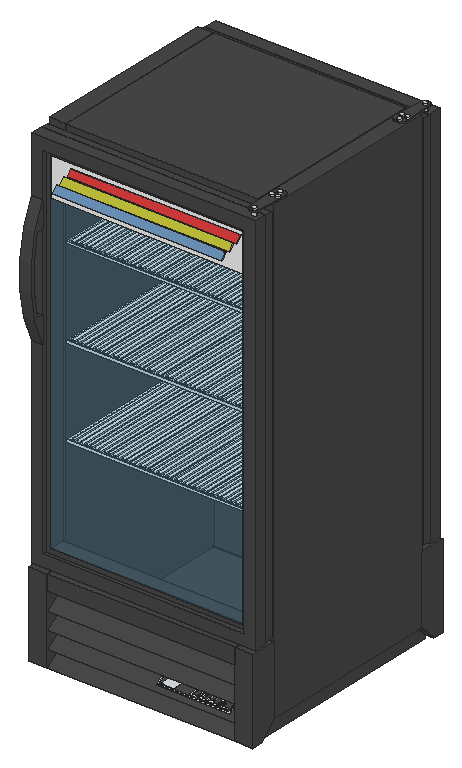
Revit family "QF_TRUE_GDM-10PT-HC~TSL01", category Specialty Equipment, Revit 2016
Family settings
  Part Type = Normal
  Round Connector Dimension = Use Diameter
  Work Plane-Based = No
  Always vertical = Yes
  Cut with Voids When Loaded = No
  Shared = No
  Room Calculation Point = No
Parameters
  Weight in Pounds = 0
  Watts = Volts * FL Amps  # 253 W
  Volts = 115 V
  URL Cutsheet = ""
  Specification by User = ""
  Specification by Manufacturer = ""
  Show Logo [instance] = yes
  Show Default Legs [instance] = if(Show 6 Inches Standard Legs, or(Show 6 Inches Seismic Flanged Legs, Show 2.5 Inches Castors), if(Show 2.5 Inches Castors, Show 6 Inches Seismic Flanged Legs, not(or(Show 6 Inches Seismic Flanged Legs, Show 2.5 Inches Castors, Show 6 Inches Standard Legs))))  # yes
  Show Clearance [instance] = yes
  Show 6 Inches Standard Legs [instance] = no
  Show 6 Inches Seismic Flanged Legs [instance] = no
  Show 2.5 Inches Castors [instance] = no
  Serial Number = ""
  Seismic Rating = ""
  SMACNA No = ""
  Revision Code = ""
  Phase = 1
  Number of Poles = 1
  NAFEM Spec ID Number = ""
  Model = "GDM-10PT-HC~TSL01"
  Min Ckt Ampacity = 0 A
  Max Overcurrent Protection = 0 A
  Materials and Finishes [instance] = QF_Plastic - Black - Smooth
  Masterspec = ""
  Manufacturer = "TRUE"
  Length = 24 13/16"
  Item Number = ""
  Installed By = ""
  Identify Quantity as Lot = yes
  Height [instance] = Body Height + Base Height  # 53 3/8"
  HP = "1/5"
  Furnished By = ""
  Foodservice Equipment Identifier = yes
  FL Amps = 2.2 A
  Electrical Remarks = ""
  Electric Connection Type = ""
  Elec Conn RI Height = 0"
  Elec Conn Connection Height = 0"
  Description = "SWING DOOR PASS-THRU REFRIGERATOR WITH HYDROCARBON REFRIGERANT-TRUE STANDARD LOOK VERSION 01"
  Depth = 28 11/16"
  Cycle = 60 Hz
  Conn Plug = "NEMA 5-15P"
  Conn Conduit = yes
  CSI MasterFormat = ""
  Body Height [instance] = 53 3/16"
  Base Height [instance] = if(Show Default Legs, 3/16", if(Show 6 Inches Standard Legs, 6", if(Show 6 Inches Seismic Flanged Legs, 6", if(Show 2.5 Inches Castors, 2 1/2", 3/16"))))  # 3/16"
  Apparent Power = 0 VA
  6 Inches Standard Legs [instance] = and(Show 6 Inches Standard Legs, not(Show Default Legs))  # no
  6 Inches Seismic Flanged Legs [instance] = and(Show 6 Inches Seismic Flanged Legs, not(Show Default Legs))  # no
  2.5 Inches Castors [instance] = and(Show 2.5 Inches Castors, not(Show Default Legs))  # no
Reference planes (in)
  plane 1 "BACK": y = 0
  plane 2: z = 0
  plane 3 "LEFT": x = 0
  plane 4 "RIGHT": x = 24.8125
  plane 5 "FRONT": y = -28.6875
  plane 6 "TOP": z = 53.375
  plane 7 "Center Y": x = 12.40625
  plane 8 "Center X": y = -14.34375
  plane 9: z = 0.1875
Dimensions and locks (in)
  equal spacing: plane 3 "LEFT", plane 7 "Center Y", plane 4 "RIGHT"
  "Length": plane 3 "LEFT" to plane 4 "RIGHT"
  equal spacing: plane 5 "FRONT", plane 8 "Center X", plane 1 "BACK"
  "Depth": plane 5 "FRONT" to plane 1 "BACK"
  "Body Height": plane 6 "TOP" to plane 9
  plane 4 "RIGHT" to plane 3 "LEFT" = 24 13/16"
  plane 5 "FRONT" to plane 1 "BACK" = 28 11/16"  (x2)
  "Base Height": plane 9 to level
  plane 5 "FRONT" to nested 1 to nested 1 to plane 1 "BACK" = 1 19/32", 25 1/2", 1 19/32"
  aligned and locked: level to plane 2
  aligned and locked: nested 1 to plane 9
Nested families (in)
  nested 1: "GDM-10PT-HC-TSL01" at (0, 0, 0), Show Clearance <- "Show Clearance", Show Default Legs <- "Show Default Legs", Show Logo <- "Show Logo", type "GDM-10PT-HC-TSL01"
    with Show Logo yes, Show Default Legs yes, Show Clearance yes
  nested 2: "CASTER-LEGS" at (22.08715, -4.35035, 0), Show Siesmic Flanged <- "6 Inches Seismic Flanged Legs", Show 6 Inches Legs <- "6 Inches Standard Legs", Show 2.5 Casters <- "2.5 Inches Castors", type "CASTER-LEGS"
    with Type Mark "", Status "", Specification by User "", Show Siesmic Flanged no, Show 6" Casters no, Show 6 Inches Legs no, Show 5" Casters no, Show 4" Casters no, Show 2.5 Standard Legs no, Show 2.5 Casters no, Revision Code "", Low Profile yes, Item Number "", Installed By "", Identify Quantity as Lot yes, Furnished By "", Foodservice Equipment Identifier yes
  nested 3: "CASTER-LEGS" at (2.72535, -24.33715, 0), Show Siesmic Flanged <- "6 Inches Seismic Flanged Legs", Show 6 Inches Legs <- "6 Inches Standard Legs", Show 2.5 Casters <- "2.5 Inches Castors", type "CASTER-LEGS"
    with Type Mark "", Status "", Specification by User "", Show Siesmic Flanged no, Show 6" Casters no, Show 6 Inches Legs no, Show 5" Casters no, Show 4" Casters no, Show 2.5 Standard Legs no, Show 2.5 Casters no, Revision Code "", Low Profile yes, Item Number "", Installed By "", Identify Quantity as Lot yes, Furnished By "", Foodservice Equipment Identifier yes
  nested 4: "CASTER-LEGS" at (2.72535, -4.35035, 0), Show Siesmic Flanged <- "6 Inches Seismic Flanged Legs", Show 6 Inches Legs <- "6 Inches Standard Legs", Show 2.5 Casters <- "2.5 Inches Castors", type "CASTER-LEGS"
    with Type Mark "", Status "", Specification by User "", Show Siesmic Flanged no, Show 6" Casters no, Show 6 Inches Legs no, Show 5" Casters no, Show 4" Casters no, Show 2.5 Standard Legs no, Show 2.5 Casters no, Revision Code "", Low Profile yes, Item Number "", Installed By "", Identify Quantity as Lot yes, Furnished By "", Foodservice Equipment Identifier yes
  nested 5: "CASTER-LEGS" at (22.08715, -24.33715, 0), Show Siesmic Flanged <- "6 Inches Seismic Flanged Legs", Show 6 Inches Legs <- "6 Inches Standard Legs", Show 2.5 Casters <- "2.5 Inches Castors", type "CASTER-LEGS"
    with Type Mark "", Status "", Specification by User "", Show Siesmic Flanged no, Show 6" Casters no, Show 6 Inches Legs no, Show 5" Casters no, Show 4" Casters no, Show 2.5 Standard Legs no, Show 2.5 Casters no, Revision Code "", Low Profile yes, Item Number "", Installed By "", Identify Quantity as Lot yes, Furnished By "", Foodservice Equipment Identifier yes
Connectors (in)
  electrical at (12.40625, 0, 7.53125), driven by "Volts", driven by "Watts"
    settings: on nested 1, index 1, voltage 115 V, apparent load 253 VA, apparent load phase1 0 VA, apparent load phase2 0 VA, apparent load phase3 0 VA, power factor 1, load classification "Other", number of poles 1, system type 30, power factor state 1, is connector primary yes, connector utility no, sub classification motor no, connector description "ELECTRICAL CONNECTION"
Definition of nested family "GDM-10PT-HC-TSL01"
  Parameters (values of type "GDM-10PT-HC-TSL01")
    Weight in Pounds = 0
    Watts = 253 W
    Volts = 0 V
    URL Cutsheet = ""
    Specification by User = ""
    Specification by Manufacturer = ""
    Show Logo [instance] = yes
    Show Default Legs [instance] = yes
    Show Clearance [instance] = yes
    Serial Number = ""
    Seismic Rating = ""
    SMACNA No = ""
    Revision Code = ""
    Phase = 0
    Number of Poles = 1
    NAFEM Spec ID Number = ""
    Model = ""
    Min Ckt Ampacity = 0 A
    Max Overcurrent Protection = 0 A
    Materials and Finishes = none
    Masterspec = ""
    Manufacturer = ""
    Length = 24 13/16"
    Item Number = ""
    Installed By = ""
    Identify Quantity as Lot = yes
    Height = 53 3/8"
    HP = "0"
    Furnished By = ""
    Foodservice Equipment Identifier = yes
    FL Amps = 0 A
    Electrical Remarks = ""
    Electric Connection Type = ""
    Elec Conn RI Height = 0"
    Elec Conn Connection Height = 0"
    Description = ""
    Depth = 28 11/16"
    Cycle = 0 Hz
    Conn Plug = ""
    Conn Conduit = yes
    CSI MasterFormat = ""
    Apparent Power = 0 VA
  Reference planes (in)
    plane 1 "BACK": y = 0
    plane 2: z = 0
    plane 3 "LEFT": x = 0
    plane 4 "RIGHT": x = 24.8125
    plane 5 "FRONT": y = -28.6875
    plane 6 "TOP": z = 53.375
    plane 7 "Center Y": x = 12.40625
    plane 8 "Center X": y = -14.34375
    plane 9: y = -46.625
    plane 10: z = 0.1875
    plane 11: y = -27.09375
    plane 12: y = -1.59375
    plane 13: z = 10.5
    plane 14: z = 10.5
    plane 15: z = 10.5
    plane 16: z = 10.5
    plane 17: y = 21.625
    plane 18: y = 21.59375
    plane 19: y = -50.28125
  Forms (in)
    Extrusion 1, solid, not visible
      sketch origin (-6.9261, -177.0625, 34.29306) x (-1, 0, 0) y (0, -1, 0)
        loop
          line (-8.70735, -156.1875) -> (-29.95735, -156.1875) -> (-29.95735, -176.625) -> (-8.70735, -176.625) -> (-8.70735, -156.1875)
        loop
          line (-8.95735, -156.375) -> (-29.70735, -156.375) -> (-29.70735, -176.4375) -> (-8.95735, -176.4375) -> (-8.95735, -156.375)
      from 0 to 0.25
    Extrusion 2, solid, not visible
      sketch origin (0.23437, 2.9375, 7.80869) x (1, 0, 0) y (0, 0, 1)
        loop
          circle (10.17187, 26.73438) r 0.125
        loop
          circle (9.67187, 26.73438) r 0.125
        loop
          circle (9.17187, 26.73438) r 0.125
        loop
          circle (8.67187, 26.73438) r 0.125
        loop
          circle (8.17187, 26.73438) r 0.125
        loop
          circle (7.67187, 26.73438) r 0.125
        loop
          circle (7.17187, 26.73438) r 0.125
        loop
          circle (6.67187, 26.73438) r 0.125
        loop
          circle (6.17187, 26.73438) r 0.125
        loop
          circle (5.67187, 26.73438) r 0.125
        loop
          circle (5.17187, 26.73438) r 0.125
        loop
          circle (4.67187, 26.73438) r 0.125
        loop
          circle (4.17187, 26.73438) r 0.125
        loop
          circle (3.67187, 26.73438) r 0.125
        loop
          circle (3.17187, 26.73438) r 0.125
        loop
          circle (2.67187, 26.73438) r 0.125
        loop
          circle (2.17187, 26.73438) r 0.125
        loop
          circle (10.67187, 26.73438) r 0.125
        loop
          circle (11.17187, 26.73438) r 0.125
        loop
          circle (11.67187, 26.73438) r 0.125
        loop
          circle (12.17188, 26.73438) r 0.125
        loop
          circle (14.17188, 26.73438) r 0.125
        loop
          circle (14.67188, 26.73438) r 0.125
        loop
          circle (15.17188, 26.73438) r 0.125
        loop
          circle (15.67188, 26.73438) r 0.125
        loop
          circle (16.17188, 26.73438) r 0.125
        loop
          circle (16.67188, 26.73438) r 0.125
        loop
          circle (17.17188, 26.73438) r 0.125
        loop
          circle (17.67188, 26.73438) r 0.125
        loop
          circle (18.17188, 26.73438) r 0.125
        loop
          circle (18.67188, 26.73438) r 0.125
        loop
          circle (19.17188, 26.73438) r 0.125
        loop
          circle (19.67188, 26.73438) r 0.125
        loop
          circle (20.17188, 26.73438) r 0.125
        loop
          circle (20.67188, 26.73438) r 0.125
        loop
          circle (21.17188, 26.73438) r 0.125
        loop
          circle (21.67188, 26.73438) r 0.125
        loop
          circle (22.17188, 26.73438) r 0.125
        loop
          circle (13.67188, 26.73438) r 0.125
        loop
          circle (13.17188, 26.73438) r 0.125
        loop
          circle (12.67188, 26.73438) r 0.125
      from 3.5625 to 23.625
    Extrusion 3, solid, material <- "Materials and Finishes"
      sketch origin (0.03125, -27.125, 65.50979) x (0, 0, 1) y (1, 0, 0)
        loop
          line (-13.96984, 23.53125) -> (-54.00979, 23.53125) -> (-54.00979, 1.21875) -> (-13.96984, 1.21875) -> (-13.96984, 23.53125)
        loop
          line (-14.46984, 23.03125) -> (-53.50979, 23.03125) -> (-53.50979, 1.71875) -> (-14.46984, 1.71875) -> (-14.46984, 23.03125)
      from 2.25251 to 0.5
    Extrusion 4, solid, material <- "Materials and Finishes"
      sketch origin (0.03125, -27.125, 65.50979) x (0, 0, 1) y (1, 0, 0)
        loop
          line (-55.25979, -0.03125) -> (-12.71984, -0.03125) -> (-12.71984, 24.78125) -> (-55.25979, 24.78125) -> (-55.25979, -0.03125)
        loop
          line (-13.96984, 23.53125) -> (-54.00979, 23.53125) -> (-54.00979, 1.21875) -> (-13.96984, 1.21875) -> (-13.96984, 23.53125)
      from 1.50251 to 0.03125
    Extrusion 5, solid
      sketch origin (0.03125, -27.125, 65.50979) x (0, 0, 1) y (1, 0, 0)
        loop
          line (-13.96984, 23.53125) -> (-54.00979, 23.53125) -> (-54.00979, 1.21875) -> (-13.96984, 1.21875) -> (-13.96984, 23.53125)
        loop
          line (-13.71984, 23.78125) -> (-54.25979, 23.78125) -> (-54.25979, 0.96875) -> (-13.71984, 0.96875) -> (-13.71984, 23.78125)
      from 2.25251 to 2.5625
    Extrusion 6, solid, material <- "Materials and Finishes"
      sketch origin (0.03125, -0.75, 12.89062) x (0, -1, 0) y (0, 0, 1)
        loop
          line (23.8125, 40.39932) -> (3.375, 40.39932) -> (3.375, -10.51562) -> (23.8125, -10.51562) -> (23.8125, 40.39932)
      from 0.03125 to -1.75
    Extrusion 7, solid, material <- "Materials and Finishes"
      sketch origin (0, -3.21875, 0.375) x (0, 1, 0) y (0, 0, 1)
        loop
          line (-21.34375, 9.625) -> (-24.20354, 9.625) -> (-24.20354, 0.3125) -> (-23.03125, 0.3125) -> (-21.34375, 2) -> (-21.34375, 9.625)
      from 0 to 2
    Extrusion 8, solid
      sketch origin (0, -3.21875, 0.375) x (0, 1, 0) y (0, 0, 1)
        loop
          line (-23.03125, 0.3125) -> (-23.03125, -0.1875) -> (0.78125, -0.1875) -> (0.78125, 0.3125) -> (-0.90625, 2) -> (-21.34375, 2) -> (-23.03125, 0.3125)
      from 0.98361 to 23.82889
    Extrusion 9, solid, material <- "Materials and Finishes"
      sketch origin (2, -3.21875, 0.375) x (0, 1, 0) y (0, 0, 1)
        loop
          line (-24.20354, 9.625) -> (-24.20354, 7.875) -> (-21.40384, 7.875) -> (-24.20354, 5.88192) -> (-23.74627, 5.88192) -> (-21.34375, 7.61566) -> (-21.34375, 9.625) -> (-24.20354, 9.625)
        loop
          line (-21.34375, 6.04694) -> (-24.20354, 4.01463) -> (-23.74627, 4.01463) -> (-21.34375, 5.74837) -> (-21.34375, 6.04694)
        loop
          line (-21.34375, 3.88108) -> (-21.34375, 4.17966) -> (-24.20354, 2.11927) -> (-23.78927, 2.11927) -> (-21.34375, 3.88108)
        loop
          line (-21.34375, 2.37289) -> (-24.20354, 0.3125) -> (-23.03125, 0.3125) -> (-21.34375, 2) -> (-21.34375, 2.37289)
      from 0 to 20.8125
    Extrusion 10, solid
      sketch origin (0.03125, -26.625, 65.50979) x (0, 0, -1) y (1, 0, 0)
        loop
          line (18.71984, 1.71875) -> (53.50979, 1.71875) -> (53.50979, 23.03125) -> (18.71984, 23.03125) -> (18.71984, 1.71875)
      from 0 to -0.125
    Extrusion 11, solid, material <- "Materials and Finishes"
      sketch origin (24.78125, -0.75, 12.89062) x (0, -1, 0) y (0, 0, -1)
        loop
          line (23.8125, -40.39932) -> (23.8125, 10.51562) -> (3.375, 10.51562) -> (3.375, -40.39932) -> (23.8125, -40.39932)
      from 0.03125 to -1.75
    Extrusion 12, solid, material <- "Materials and Finishes"
      sketch origin (0.03125, -25.65374, 65.50979) x (0, 0, 1) y (1, 0, 0)
        loop
          line (-55.00979, -0.03125) -> (-12.71984, -0.03125) -> (-12.71984, 24.78125) -> (-55.00979, 24.78125) -> (-55.00979, -0.03125)
        loop
          line (-13.96984, 23.53125) -> (-53.75979, 23.53125) -> (-53.75979, 1.21875) -> (-13.96984, 1.21875) -> (-13.96984, 23.53125)
      from 0.78125 to 0.03125
    Extrusion 13, solid, material <- "Materials and Finishes"
      sketch origin (24.8125, -3.21875, 0.375) x (0, 1, 0) y (0, 0, -1)
        loop
          line (-21.34375, -9.625) -> (-21.34375, -2) -> (-23.03125, -0.3125) -> (-24.20354, -0.3125) -> (-24.20354, -9.625) -> (-21.34375, -9.625)
      from 0 to 2
    Extrusion 14, solid
      sketch origin (0.35938, -3.6875, 0) x (1, 0, 0) y (0, 1, 0)
        loop
          circle (23.55974, -22.48479) r 0.25
      from 10 to 53.44619
    Extrusion 15, solid, material <- "Materials and Finishes"
      sketch origin (0.375, -0.8125, 22.39062) x (0, 1, 0) y (0, 0, 1)
        loop
          arc (-26.28125, 24.2861) -> (-27.875, 17.09363) -> (-26.28125, 9.90116) r 17.02638
          line (-26.28125, 9.90116) -> (-26.28125, 12.85144) -> (-27.07979, 12.85144)
          arc (-27.07979, 12.85144) -> (-27.625, 17.09363) -> (-27.07979, 21.33582) r 16.77638
          line (-27.07979, 21.33582) -> (-26.28125, 21.33582) -> (-26.28125, 24.2861)
      from -0.375 to 0.875
    Revolve 16, solid, visible <- "Show Default Legs"
      sketch origin (2, -3.21875, 0) x (0, 1, 0) y (0, 0, 1)
        loop
          line (-21.84375, 0) -> (-21.84375, 0.1875) -> (-22.6184, 0.1875) -> (-22.6184, 0) -> (-21.84375, 0)
        axis (-21.84375, 0) -> (-21.84375, 0.1875)
      angle from 0 to 360
    Revolve 17, solid, visible <- "Show Default Legs"
      sketch origin (22.8125, -3.21875, 0) x (0, 1, 0) y (0, 0, -1)
        loop
          line (-21.84375, 0) -> (-22.6184, 0) -> (-22.6184, -0.1875) -> (-21.84375, -0.1875) -> (-21.84375, 0)
        axis (-21.84375, 0) -> (-21.84375, -0.1875)
      angle from 0 to 360
    Extrusion 18, solid
      sketch origin (-6.9261, -180.75, 31.567) x (-1, 0, 0) y (0, -1, 0)
        loop
          line (-8.70735, -156.1875) -> (-29.95735, -156.1875) -> (-29.95735, -176.625) -> (-8.70735, -176.625) -> (-8.70735, -156.1875)
        loop
          line (-8.95735, -156.375) -> (-29.70735, -156.375) -> (-29.70735, -176.4375) -> (-8.95735, -176.4375) -> (-8.95735, -156.375)
      from 0 to 0.25
    Extrusion 19, solid
      sketch origin (0.23437, -0.75, 5.08262) x (1, 0, 0) y (0, 0, 1)
        loop
          circle (10.17187, 26.73438) r 0.125
        loop
          circle (9.67187, 26.73438) r 0.125
        loop
          circle (9.17187, 26.73438) r 0.125
        loop
          circle (8.67187, 26.73438) r 0.125
        loop
          circle (8.17187, 26.73438) r 0.125
        loop
          circle (7.67187, 26.73438) r 0.125
        loop
          circle (7.17187, 26.73438) r 0.125
        loop
          circle (6.67187, 26.73438) r 0.125
        loop
          circle (6.17187, 26.73438) r 0.125
        loop
          circle (5.67187, 26.73438) r 0.125
        loop
          circle (5.17187, 26.73438) r 0.125
        loop
          circle (4.67187, 26.73438) r 0.125
        loop
          circle (4.17187, 26.73438) r 0.125
        loop
          circle (3.67187, 26.73438) r 0.125
        loop
          circle (3.17187, 26.73438) r 0.125
        loop
          circle (2.67187, 26.73438) r 0.125
        loop
          circle (2.17187, 26.73438) r 0.125
        loop
          circle (10.67187, 26.73438) r 0.125
        loop
          circle (11.17187, 26.73438) r 0.125
        loop
          circle (11.67187, 26.73438) r 0.125
        loop
          circle (12.17188, 26.73438) r 0.125
        loop
          circle (14.17188, 26.73438) r 0.125
        loop
          circle (14.67188, 26.73438) r 0.125
        loop
          circle (15.17188, 26.73438) r 0.125
        loop
          circle (15.67188, 26.73438) r 0.125
        loop
          circle (16.17188, 26.73438) r 0.125
        loop
          circle (16.67188, 26.73438) r 0.125
        loop
          circle (17.17188, 26.73438) r 0.125
        loop
          circle (17.67188, 26.73438) r 0.125
        loop
          circle (18.17188, 26.73438) r 0.125
        loop
          circle (18.67188, 26.73438) r 0.125
        loop
          circle (19.17188, 26.73438) r 0.125
        loop
          circle (19.67188, 26.73438) r 0.125
        loop
          circle (20.17188, 26.73438) r 0.125
        loop
          circle (20.67188, 26.73438) r 0.125
        loop
          circle (21.17188, 26.73438) r 0.125
        loop
          circle (21.67188, 26.73438) r 0.125
        loop
          circle (22.17188, 26.73438) r 0.125
        loop
          circle (13.67188, 26.73438) r 0.125
        loop
          circle (13.17188, 26.73438) r 0.125
        loop
          circle (12.67188, 26.73438) r 0.125
      from 3.5625 to 23.625
    Extrusion 20, solid
      sketch origin (-6.9261, -180.75, 41.413) x (-1, 0, 0) y (0, -1, 0)
        loop
          line (-8.70735, -156.1875) -> (-29.95735, -156.1875) -> (-29.95735, -176.625) -> (-8.70735, -176.625) -> (-8.70735, -156.1875)
        loop
          line (-8.95735, -156.375) -> (-29.70735, -156.375) -> (-29.70735, -176.4375) -> (-8.95735, -176.4375) -> (-8.95735, -156.375)
      from 0 to 0.25
    Extrusion 21, solid
      sketch origin (0.23437, -0.75, 14.92862) x (1, 0, 0) y (0, 0, 1)
        loop
          circle (10.17187, 26.73438) r 0.125
        loop
          circle (9.67187, 26.73438) r 0.125
        loop
          circle (9.17187, 26.73438) r 0.125
        loop
          circle (8.67187, 26.73438) r 0.125
        loop
          circle (8.17187, 26.73438) r 0.125
        loop
          circle (7.67187, 26.73438) r 0.125
        loop
          circle (7.17187, 26.73438) r 0.125
        loop
          circle (6.67187, 26.73438) r 0.125
        loop
          circle (6.17187, 26.73438) r 0.125
        loop
          circle (5.67187, 26.73438) r 0.125
        loop
          circle (5.17187, 26.73438) r 0.125
        loop
          circle (4.67187, 26.73438) r 0.125
        loop
          circle (4.17187, 26.73438) r 0.125
        loop
          circle (3.67187, 26.73438) r 0.125
        loop
          circle (3.17187, 26.73438) r 0.125
        loop
          circle (2.67187, 26.73438) r 0.125
        loop
          circle (2.17187, 26.73438) r 0.125
        loop
          circle (10.67187, 26.73438) r 0.125
        loop
          circle (11.17187, 26.73438) r 0.125
        loop
          circle (11.67187, 26.73438) r 0.125
        loop
          circle (12.17188, 26.73438) r 0.125
        loop
          circle (14.17188, 26.73438) r 0.125
        loop
          circle (14.67188, 26.73438) r 0.125
        loop
          circle (15.17188, 26.73438) r 0.125
        loop
          circle (15.67188, 26.73438) r 0.125
        loop
          circle (16.17188, 26.73438) r 0.125
        loop
          circle (16.67188, 26.73438) r 0.125
        loop
          circle (17.17188, 26.73438) r 0.125
        loop
          circle (17.67188, 26.73438) r 0.125
        loop
          circle (18.17188, 26.73438) r 0.125
        loop
          circle (18.67188, 26.73438) r 0.125
        loop
          circle (19.17188, 26.73438) r 0.125
        loop
          circle (19.67188, 26.73438) r 0.125
        loop
          circle (20.17188, 26.73438) r 0.125
        loop
          circle (20.67188, 26.73438) r 0.125
        loop
          circle (21.17188, 26.73438) r 0.125
        loop
          circle (21.67188, 26.73438) r 0.125
        loop
          circle (22.17188, 26.73438) r 0.125
        loop
          circle (13.67188, 26.73438) r 0.125
        loop
          circle (13.17188, 26.73438) r 0.125
        loop
          circle (12.67188, 26.73438) r 0.125
      from 3.5625 to 23.625
    Extrusion 22, solid
      sketch origin (-6.9261, -180.75, 21.721) x (-1, 0, 0) y (0, -1, 0)
        loop
          line (-8.70735, -156.1875) -> (-29.95735, -156.1875) -> (-29.95735, -176.625) -> (-8.70735, -176.625) -> (-8.70735, -156.1875)
        loop
          line (-8.95735, -156.375) -> (-29.70735, -156.375) -> (-29.70735, -176.4375) -> (-8.95735, -176.4375) -> (-8.95735, -156.375)
      from 0 to 0.25
    Extrusion 23, solid
      sketch origin (0.23437, -0.75, -4.76338) x (1, 0, 0) y (0, 0, 1)
        loop
          circle (10.17187, 26.73438) r 0.125
        loop
          circle (9.67187, 26.73438) r 0.125
        loop
          circle (9.17187, 26.73438) r 0.125
        loop
          circle (8.67187, 26.73438) r 0.125
        loop
          circle (8.17187, 26.73438) r 0.125
        loop
          circle (7.67187, 26.73438) r 0.125
        loop
          circle (7.17187, 26.73438) r 0.125
        loop
          circle (6.67187, 26.73438) r 0.125
        loop
          circle (6.17187, 26.73438) r 0.125
        loop
          circle (5.67187, 26.73438) r 0.125
        loop
          circle (5.17187, 26.73438) r 0.125
        loop
          circle (4.67187, 26.73438) r 0.125
        loop
          circle (4.17187, 26.73438) r 0.125
        loop
          circle (3.67187, 26.73438) r 0.125
        loop
          circle (3.17187, 26.73438) r 0.125
        loop
          circle (2.67187, 26.73438) r 0.125
        loop
          circle (2.17187, 26.73438) r 0.125
        loop
          circle (10.67187, 26.73438) r 0.125
        loop
          circle (11.17187, 26.73438) r 0.125
        loop
          circle (11.67187, 26.73438) r 0.125
        loop
          circle (12.17188, 26.73438) r 0.125
        loop
          circle (14.17188, 26.73438) r 0.125
        loop
          circle (14.67188, 26.73438) r 0.125
        loop
          circle (15.17188, 26.73438) r 0.125
        loop
          circle (15.67188, 26.73438) r 0.125
        loop
          circle (16.17188, 26.73438) r 0.125
        loop
          circle (16.67188, 26.73438) r 0.125
        loop
          circle (17.17188, 26.73438) r 0.125
        loop
          circle (17.67188, 26.73438) r 0.125
        loop
          circle (18.17188, 26.73438) r 0.125
        loop
          circle (18.67188, 26.73438) r 0.125
        loop
          circle (19.17188, 26.73438) r 0.125
        loop
          circle (19.67188, 26.73438) r 0.125
        loop
          circle (20.17188, 26.73438) r 0.125
        loop
          circle (20.67188, 26.73438) r 0.125
        loop
          circle (21.17188, 26.73438) r 0.125
        loop
          circle (21.67188, 26.73438) r 0.125
        loop
          circle (22.17188, 26.73438) r 0.125
        loop
          circle (13.67188, 26.73438) r 0.125
        loop
          circle (13.17188, 26.73438) r 0.125
        loop
          circle (12.67188, 26.73438) r 0.125
      from 3.5625 to 23.625
    Extrusion 24, solid, material <- "Materials and Finishes"
      sketch origin (4.31688, -0.8125, 17.80556) x (1, 0, 0) y (0, 1, 0)
        loop
          arc (19.40165, -21.39984) -> (19.03744, -21.55726) -> (18.90258, -21.93042) r 0.5
          line (18.90258, -21.93042) -> (19.11273, -25.35979)
          arc (19.11273, -25.35979) -> (19.6118, -25.82921) -> (20.11086, -25.35979) r 0.5
          line (20.11086, -25.35979) -> (20.32101, -21.93042)
          arc (20.32101, -21.93042) -> (20.18615, -21.55726) -> (19.82195, -21.39984) r 0.5
          line (19.82195, -21.39984) -> (19.40165, -21.39984)
      from 35.48438 to 35.56944
    Extrusion 25, solid
      sketch origin (4.30731, -0.8125, 17.80556) x (1, 0, 0) y (0, 1, 0)
        loop
          circle (19.6118, -21.78078) r 0.25
        loop
          circle (19.30218, -22.51019) r 0.25
        loop
          circle (19.92141, -22.51019) r 0.25
      from 35.48438 to 35.64063
    Extrusion 26, solid
      sketch origin (0.75, -24.5, -26.58506) x (-1, 0, 0) y (0, 0, 1)
        loop
          line (-1, 77.625) -> (-22.3125, 77.625) -> (-22.3125, 73.375) -> (-1, 73.375) -> (-1, 77.625)
      from -0.37249 to -2.125
    Extrusion 27, solid
      sketch origin (0.75, -26.625, -25.33506) x (1, 0, 0) y (0, 0, 1)
        loop
          line (2.10165, 73.75) -> (20.84375, 73.75) -> (21.22761, 74.75) -> (2.48552, 74.75) -> (2.10165, 73.75)
      from 0 to 0.03125
    Extrusion 28, solid
      sketch origin (0.75, -26.625, -26.33506) x (1, 0, 0) y (0, 0, 1)
        loop
          line (3.30123, 76.875) -> (2.91736, 75.875) -> (21.64348, 75.875) -> (22.02734, 76.875) -> (3.30123, 76.875)
      from 0 to 0.03125
    Extrusion 29, solid
      sketch origin (0.75, -26.625, -24.33506) x (1, 0, 0) y (0, 0, 1)
        loop
          line (1.28594, 71.625) -> (20.02239, 71.625) -> (20.40625, 72.625) -> (1.66981, 72.625) -> (1.28594, 71.625)
      from 0 to 0.03125
    Extrusion 30, solid, material <- "Materials and Finishes"
      sketch origin (20.40625, -73.43116, 53.28994) x (0, 1, 0) y (-1, 0, 0)
        loop
          line (69.30616, -2.625) -> (69.30616, 18.625) -> (48.86866, 18.625) -> (48.86866, -2.625) -> (69.30616, -2.625)
      from 0 to -1
    Extrusion 31, solid, material <- "Materials and Finishes"
      sketch origin (0.03125, -1.5625, 65.50979) x (0, 0, 1) y (-1, 0, 0)
        loop
          line (-13.96984, -23.53125) -> (-13.96984, -1.21875) -> (-54.00979, -1.21875) -> (-54.00979, -23.53125) -> (-13.96984, -23.53125)
        loop
          line (-14.46984, -23.03125) -> (-14.46984, -1.71875) -> (-53.50979, -1.71875) -> (-53.50979, -23.03125) -> (-14.46984, -23.03125)
      from 2.25251 to 0.5
    Extrusion 32, solid, material <- "Materials and Finishes"
      sketch origin (0.03125, -1.5625, 65.50979) x (0, 0, 1) y (-1, 0, 0)
        loop
          line (-55.25979, 0.03125) -> (-55.25979, -24.78125) -> (-12.71984, -24.78125) -> (-12.71984, 0.03125) -> (-55.25979, 0.03125)
        loop
          line (-13.96984, -23.53125) -> (-13.96984, -1.21875) -> (-54.00979, -1.21875) -> (-54.00979, -23.53125) -> (-13.96984, -23.53125)
      from 1.50251 to 0.03125
    Extrusion 33, solid
      sketch origin (0.03125, -1.5625, 65.50979) x (0, 0, 1) y (-1, 0, 0)
        loop
          line (-13.96984, -23.53125) -> (-13.96984, -1.21875) -> (-54.00979, -1.21875) -> (-54.00979, -23.53125) -> (-13.96984, -23.53125)
        loop
          line (-13.71984, -23.78125) -> (-13.71984, -0.96875) -> (-54.25979, -0.96875) -> (-54.25979, -23.78125) -> (-13.71984, -23.78125)
      from 2.25251 to 2.5625
    Extrusion 34, solid
      sketch origin (0.03125, -2.0625, 65.50979) x (0, 0, -1) y (-1, 0, 0)
        loop
          line (14.12609, -1.71875) -> (14.12609, -23.03125) -> (53.50979, -23.03125) -> (53.50979, -1.71875) -> (14.12609, -1.71875)
      from 0 to -0.125
    Extrusion 35, solid, visible <- "Show Clearance", detail levels coarse
      sketch origin (23.15625, -1.5625, 10.5) x (0, -1, 0) y (-1, 0, 0)
        loop
          line (0.03125, -1.65625) -> (0.03125, 23.15625)
          arc (0.03125, 23.15625) -> (-16.37896, 15.25102) -> (-23.15625, -1.65625) r 25.16505
          line (-23.15625, -1.65625) -> (0.03125, -1.65625)
        loop
          line (25.53125, -1.65625) -> (48.71875, -1.65625)
          arc (48.71875, -1.65625) -> (41.94146, 15.25102) -> (25.53125, 23.15625) r 25.16505
          line (25.53125, 23.15625) -> (25.53125, -1.65625)
      from 0.25 to -42.28994
    Extrusion 36, solid, material <- "Materials and Finishes"
      sketch origin (0.03125, -3.03376, 65.50979) x (0, 0, 1) y (-1, 0, 0)
        loop
          line (-55.00979, 0.03125) -> (-55.00979, -24.78125) -> (-12.71984, -24.78125) -> (-12.71984, 0.03125) -> (-55.00979, 0.03125)
        loop
          line (-13.96984, -23.53125) -> (-13.96984, -1.21875) -> (-53.75979, -1.21875) -> (-53.75979, -23.53125) -> (-13.96984, -23.53125)
      from 0.78125 to 0.03125
    Extrusion 37, solid, material <- "Materials and Finishes"
      sketch origin (24.8125, -25.46875, 0.375) x (0, -1, 0) y (0, 0, 1)
        loop
          line (-21.34375, 9.625) -> (-24.20354, 9.625) -> (-24.20354, 0.3125) -> (-23.03125, 0.3125) -> (-21.34375, 2) -> (-21.34375, 9.625)
      from 0 to 24.8125
    Extrusion 38, solid
      sketch origin (0.35938, -25, 0) x (1, 0, 0) y (0, 1, 0)
        loop
          circle (23.55974, 22.48479) r 0.25
      from 10 to 53.44619
    Extrusion 39, solid, material <- "Materials and Finishes"
      sketch origin (0.375, -27.875, 22.39062) x (0, -1, 0) y (0, 0, -1)
        loop
          line (-26.28125, -24.2861) -> (-26.28125, -21.33582) -> (-27.07979, -21.33582)
          arc (-27.07979, -21.33582) -> (-27.625, -17.09363) -> (-27.07979, -12.85144) r 16.77641
          line (-27.07979, -12.85144) -> (-26.28125, -12.85144) -> (-26.28125, -9.90116)
          arc (-26.28125, -9.90116) -> (-27.875, -17.09363) -> (-26.28125, -24.2861) r 17.02641
      from -0.375 to 0.875
    Revolve 40, solid, visible <- "Show Default Legs"
      sketch origin (2, -25.46875, 0) x (0, -1, 0) y (0, 0, -1)
        loop
          line (-21.84375, 0) -> (-22.6184, 0) -> (-22.6184, -0.1875) -> (-21.84375, -0.1875) -> (-21.84375, 0)
        axis (-21.84375, 0) -> (-21.84375, -0.1875)
      angle from 0 to 360
    Revolve 41, solid, visible <- "Show Default Legs"
      sketch origin (22.8125, -25.46875, 0) x (0, -1, 0) y (0, 0, 1)
        loop
          line (-21.84375, 0) -> (-21.84375, 0.1875) -> (-22.6184, 0.1875) -> (-22.6184, 0) -> (-21.84375, 0)
        axis (-21.84375, 0) -> (-21.84375, 0.1875)
      angle from 0 to 360
    Extrusion 42, solid, material <- "Materials and Finishes"
      sketch origin (4.31688, -27.875, 17.80556) x (1, 0, 0) y (0, 1, 0)
        loop
          line (19.40165, 21.39984) -> (19.82195, 21.39984)
          arc (19.82195, 21.39984) -> (20.18615, 21.55726) -> (20.32101, 21.93042) r 0.5
          line (20.32101, 21.93042) -> (20.11086, 25.35979)
          arc (20.11086, 25.35979) -> (19.6118, 25.82921) -> (19.11273, 25.35979) r 0.5
          line (19.11273, 25.35979) -> (18.90258, 21.93042)
          arc (18.90258, 21.93042) -> (19.03744, 21.55726) -> (19.40165, 21.39984) r 0.5
      from 35.48438 to 35.56944
    Extrusion 43, solid
      sketch origin (4.30731, -27.875, 17.80556) x (1, 0, 0) y (0, 1, 0)
        loop
          circle (19.6118, 21.78078) r 0.25
        loop
          circle (19.30218, 22.51019) r 0.25
        loop
          circle (19.92141, 22.51019) r 0.25
      from 35.48438 to 35.64063
    Extrusion 44, solid
      sketch origin (0.75, -4.1875, -26.58506) x (-1, 0, 0) y (0, 0, -1)
        loop
          line (-1, -77.625) -> (-1, -73.375) -> (-22.3125, -73.375) -> (-22.3125, -77.625) -> (-1, -77.625)
      from -0.37249 to -2.125
    Extrusion 45, solid
      sketch origin (24.0625, -2.0625, -27.83506) x (-1, 0, 0) y (0, 0, 1)
        loop
          line (2.10165, 76.25) -> (20.84375, 76.25) -> (21.22761, 77.25) -> (2.48552, 77.25) -> (2.10165, 76.25)
      from 0 to 0.03125
    Extrusion 46, solid
      sketch origin (24.0625, -2.0625, -26.83506) x (-1, 0, 0) y (0, 0, 1)
        loop
          line (3.30123, 77.375) -> (2.91736, 76.375) -> (21.64348, 76.375) -> (22.02734, 77.375) -> (3.30123, 77.375)
      from 0 to 0.03125
    Extrusion 47, solid
      sketch origin (24.0625, -2.0625, -28.83506) x (-1, 0, 0) y (0, 0, 1)
        loop
          line (1.28594, 76.125) -> (20.02239, 76.125) -> (20.40625, 77.125) -> (1.66981, 77.125) -> (1.28594, 76.125)
      from 0 to 0.03125
    Extrusion 48, solid, material <- "Materials and Finishes"
      sketch origin (24.8125, -1.26521, 10) x (0, 0, -1) y (-1, 0, 0)
        loop
          circle (4.65625, 12.40625) r 0.25
      from 0 to 0.125
    Extrusion 49, solid
      sketch origin (0.03125, -2.0625, 65.50979) x (0, 0, -1) y (-1, 0, 0)
        loop
          line (18.71984, -1.71875) -> (18.71984, -23.03125) -> (53.50979, -23.03125) -> (53.50979, -1.71875) -> (18.71984, -1.71875)
      from 0 to -0.125
  Lines and regions (in)
    symbolic lines
      curve 1: line (0, -1.59375, 0) -> (24.8125, -1.59375, 0)
      curve 2: line (0, -27.09375, 0) -> (0, -1.59375, 0)
      curve 3: line (24.8125, -27.09375, 0) -> (0, -27.09375, 0)
      curve 4: line (24.8125, -1.26521, 0) -> (24.8125, -27.42229, 0)
      curve 5: line (0, -25.62249, 0) -> (23.39593, -25.62249, 0)
      curve 6: line (24.8125, -24.87249, 0) -> (24.5074, -24.87249, 0)
      curve 7: line (0, -24.5625, 0) -> (23.33097, -24.5625, 0)
      curve 8: line (0, -4.125, 0) -> (23.33097, -4.125, 0)
      curve 9: line (0, -3.81501, 0) -> (23.34997, -3.81501, 0)
      curve 10: line (0, -3.06501, 0) -> (23.39593, -3.06501, 0)
      curve 11: line (1.78125, -4.125, 0) -> (1.78125, -24.5625, 0)
      curve 12: line (23.03125, -24.5625, 0) -> (23.03125, -4.125, 0)
      curve 13: line (24.8125, -1.59375, 0) -> (4.12338, 10.35112, 0)
      curve 14: arc (0, -1.59375, 0) -> (1.29973, 4.64171, 0) -> (4.12338, 10.35112, 0) r 25.16505
      curve 15: line (24.8125, -27.09375, 0) -> (4.12338, -39.03862, 0)
      curve 16: arc (0, -27.09375, 0) -> (1.29973, -33.32921, 0) -> (4.12338, -39.03862, 0) r 25.16505
      curve 17: line (23.42962, -2.51521, 0) -> (23.21947, -5.94458, 0)
      curve 18: arc (23.21947, -5.94458, 0) -> (23.35432, -6.31774, 0) -> (23.71853, -6.47516, 0) r 0.5
      curve 19: line (23.71853, -6.47516, 0) -> (24.13883, -6.47516, 0)
      curve 20: arc (24.13883, -6.47516, 0) -> (24.50304, -6.31774, 0) -> (24.6379, -5.94458, 0) r 0.5
      curve 21: line (24.6379, -5.94458, 0) -> (24.42775, -2.51521, 0)
      curve 22: arc (24.42775, -2.51521, 0) -> (23.92868, -2.04579, 0) -> (23.42962, -2.51521, 0) r 0.5
      curve 23: arc (24.6379, -22.74292, 0) -> (24.50304, -22.36976, 0) -> (24.13883, -22.21234, 0) r 0.5
      curve 24: line (24.13883, -22.21234, 0) -> (23.71853, -22.21234, 0)
      curve 25: arc (23.71853, -22.21234, 0) -> (23.35432, -22.36976, 0) -> (23.21947, -22.74292, 0) r 0.5
      curve 26: line (23.21947, -22.74292, 0) -> (23.42962, -26.17229, 0)
      curve 27: arc (23.42962, -26.17229, 0) -> (23.92868, -26.64171, 0) -> (24.42775, -26.17229, 0) r 0.5
      curve 28: line (24.42775, -26.17229, 0) -> (24.6379, -22.74292, 0)
      curve 29: arc (24.16911, -26.17229, 0) -> (23.91911, -25.92229, 0) -> (23.66911, -26.17229, 0) r 0.25
      curve 30: arc (23.66911, -26.17229, 0) -> (23.91911, -26.42229, 0) -> (24.16911, -26.17229, 0) r 0.25
      curve 31: arc (23.3595, -23.32269, 0) -> (23.6095, -23.57269, 0) -> (23.8595, -23.32269, 0) r 0.25
      curve 32: arc (23.8595, -23.32269, 0) -> (23.6095, -23.07269, 0) -> (23.3595, -23.32269, 0) r 0.25
      curve 33: arc (23.97873, -23.32269, 0) -> (24.22873, -23.57269, 0) -> (24.47873, -23.32269, 0) r 0.25
      curve 34: arc (24.47873, -23.32269, 0) -> (24.22873, -23.07269, 0) -> (23.97873, -23.32269, 0) r 0.25
      curve 35: arc (23.66911, -22.59328, 0) -> (23.91911, -22.84328, 0) -> (24.16911, -22.59328, 0) r 0.25
      curve 36: arc (24.16911, -22.59328, 0) -> (23.91911, -22.34328, 0) -> (23.66911, -22.59328, 0) r 0.25
      curve 37: arc (23.66911, -6.09422, 0) -> (23.91911, -6.34422, 0) -> (24.16911, -6.09422, 0) r 0.25
      curve 38: arc (24.16911, -6.09422, 0) -> (23.91911, -5.84422, 0) -> (23.66911, -6.09422, 0) r 0.25
      curve 39: arc (23.3595, -5.36481, 0) -> (23.6095, -5.61481, 0) -> (23.8595, -5.36481, 0) r 0.25
      curve 40: arc (23.8595, -5.36481, 0) -> (23.6095, -5.11481, 0) -> (23.3595, -5.36481, 0) r 0.25
      curve 41: arc (23.97873, -5.36481, 0) -> (24.22873, -5.61481, 0) -> (24.47873, -5.36481, 0) r 0.25
      curve 42: arc (24.47873, -5.36481, 0) -> (24.22873, -5.11481, 0) -> (23.97873, -5.36481, 0) r 0.25
      curve 43: arc (23.66911, -2.51521, 0) -> (23.91911, -2.76521, 0) -> (24.16911, -2.51521, 0) r 0.25
      curve 44: arc (24.16911, -2.51521, 0) -> (23.91911, -2.26521, 0) -> (23.66911, -2.51521, 0) r 0.25
      curve 45: line (24.46144, -3.06501, 0) -> (24.8125, -3.06501, 0)
      curve 46: line (24.5074, -3.81501, 0) -> (24.8125, -3.81501, 0)
      curve 47: line (24.52639, -4.125, 0) -> (24.8125, -4.125, 0)
      curve 48: line (24.52639, -24.5625, 0) -> (24.8125, -24.5625, 0)
      curve 49: line (23.34997, -24.87249, 0) -> (0, -24.87249, 0)
      curve 50: line (24.46144, -25.62249, 0) -> (24.8125, -25.62249, 0)
      curve 51: line (0, -28.6875, 0) -> (0, -27.09375, 0)
      curve 52: line (0, -28.6875, 0) -> (1.25, -28.6875, 0)
      curve 53: line (1.25, -28.6875, 0) -> (1.25, -27.09375, 0)
      curve 54: line (1.25, -27.42229, 0) -> (24.8125, -27.42229, 0)
      curve 55: line (0, 0, 0) -> (0, -1.59375, 0)
      curve 56: line (0, 0, 0) -> (1.25, 0, 0)
      curve 57: line (1.25, 0, 0) -> (1.25, -1.59375, 0)
      curve 58: line (1.25, -1.26521, 0) -> (24.8125, -1.26521, 0)
  Dimensions and locks (in)
    equal spacing: plane 3 "LEFT", plane 7 "Center Y", plane 4 "RIGHT"
    "Length": plane 3 "LEFT" to plane 4 "RIGHT"
    equal spacing: plane 5 "FRONT", plane 8 "Center X", plane 1 "BACK"
    "Depth": plane 5 "FRONT" to plane 1 "BACK"
    "Height": plane 6 "TOP" to level
    plane 4 "RIGHT" to plane 3 "LEFT" = 24 13/16"
    plane 5 "FRONT" to plane 1 "BACK" = 28 11/16"
    plane 9 to plane 1 "BACK" = 46 5/8"
    plane 10 to level = 3/16"
    plane 11 to plane 12 = 25 1/2"
    plane 5 "FRONT" to plane 11 = 1 19/32"
    plane 12 to plane 1 "BACK" = 1 19/32"
    plane 19 to plane 18 = 71 7/8"
    aligned and locked: level to plane 2
  Automatic sketch dimensions
    Extrusion 19 sketch curve to Extrusion 19 sketch curve = 1/2"  (x40)
    Extrusion 19 sketch curve to Extrusion 19 sketch curve = 0"  (x40)
    Extrusion 21 sketch curve to Extrusion 21 sketch curve = 1/2"  (x40)
    Extrusion 21 sketch curve to Extrusion 21 sketch curve = 0"  (x40)
    Extrusion 23 sketch curve to Extrusion 23 sketch curve = 1/2"  (x40)
    Extrusion 23 sketch curve to Extrusion 23 sketch curve = 0"  (x40)
    Extrusion 20 sketch curve to Extrusion 20 sketch curve = 3/16"  (x2)
    Extrusion 20 sketch curve to Extrusion 20 sketch curve = 1/4"  (x2)
    Extrusion 20 sketch curve to Extrusion 20 sketch curve = 20 3/4"
    Extrusion 20 sketch curve to Extrusion 20 sketch curve = 20 1/16"
    Extrusion 1 sketch curve to Extrusion 1 sketch curve = 3/16"  (x2)
    Extrusion 1 sketch curve to Extrusion 1 sketch curve = 1/4"  (x2)
    Extrusion 1 sketch curve to Extrusion 1 sketch curve = 20 3/4"
    Extrusion 1 sketch curve to Extrusion 1 sketch curve = 20 1/16"
    Extrusion 18 sketch curve to Extrusion 18 sketch curve = 3/16"  (x2)
    Extrusion 18 sketch curve to Extrusion 18 sketch curve = 1/4"  (x2)
    Extrusion 18 sketch curve to Extrusion 18 sketch curve = 20 3/4"
    Extrusion 18 sketch curve to Extrusion 18 sketch curve = 20 1/16"
    Extrusion 22 sketch curve to Extrusion 22 sketch curve = 3/16"  (x2)
    Extrusion 22 sketch curve to Extrusion 22 sketch curve = 1/4"  (x2)
    Extrusion 22 sketch curve to Extrusion 22 sketch curve = 20 3/4"
    Extrusion 22 sketch curve to Extrusion 22 sketch curve = 20 1/16"
    curve 29 to curve 30 = 0"  (x2)
    curve 31 to curve 32 = 0"  (x2)
    curve 33 to curve 34 = 0"  (x2)
    curve 35 to curve 36 = 0"  (x2)
    curve 37 to curve 38 = 0"  (x2)
    curve 39 to curve 40 = 0"  (x2)
    curve 41 to curve 42 = 0"  (x2)
    curve 43 to curve 44 = 0"  (x2)
    curve 1 to plane 3 "LEFT" = 0"
    curve 53 to plane 11 = 0"
    plane 12 to curve 57 = 0"
    curve 50 to plane 4 "RIGHT" = 0"
    curve 56 to plane 1 "BACK" = 0"
    plane 3 "LEFT" to curve 56 = 1 1/4"
    plane 5 "FRONT" to curve 52 = 0"
    plane 3 "LEFT" to curve 52 = 1 1/4"
    plane 3 "LEFT" to curve 15 = 4.12338"
    plane 3 "LEFT" to curve 13 = 4.12338"
    plane 4 "RIGHT" to curve 26 = 1.59303"
    plane 4 "RIGHT" to curve 17 = 1.59303"
    plane 11 to curve 26 = 0.92146"
    plane 4 "RIGHT" to curve 26 = 1.38288"
    plane 4 "RIGHT" to curve 17 = 1.38288"
    curve 26 to curve 32 = 0.39003"
    curve 18 to curve 39 = 0.39003"
    curve 17 to curve 18 = 0.49906"
    curve 25 to curve 24 = 0.49906"
    curve 26 to curve 30 = 0.48949"
    curve 25 to curve 36 = 0.20058"
    curve 18 to curve 38 = 0.20058"
    curve 17 to curve 43 = 0.48949"
    curve 43 to curve 22 = 0.00957"
    curve 29 to curve 27 = 0.00957"
    curve 19 to curve 19 = 0.4203"
    curve 25 to curve 24 = 0.4203"
    plane 4 "RIGHT" to curve 42 = 0.58377"
    plane 4 "RIGHT" to curve 33 = 0.58377"
    plane 4 "RIGHT" to curve 28 = 0.38475"
    plane 4 "RIGHT" to curve 21 = 0.38475"
    plane 4 "RIGHT" to curve 21 = 0.1746"
    plane 4 "RIGHT" to curve 28 = 0.1746"
    curve 16 to plane 4 "RIGHT" = 0.27485"
    curve 14 to plane 4 "RIGHT" = 0.27485"
    curve 15 to plane 9 = 7.58638"
    curve 54 to plane 11 = 0.32854"
    curve 26 to curve 29 = 0"
    curve 29 to curve 27 = 0.03058"
    curve 16 to curve 31 = 1.79501"
    curve 31 to curve 33 = 0"
    curve 34 to curve 28 = 0.57977"
    curve 32 to curve 26 = 0.57977"
    curve 28 to curve 23 = 0.03058"
    curve 25 to curve 35 = 0.11906"
    plane 12 to curve 19 = 4.88141"
    curve 19 to curve 38 = 0.38094"
    curve 37 to curve 18 = 0.11906"
    curve 38 to curve 20 = 0.11906"
    curve 20 to curve 42 = 0.61035"
    curve 39 to curve 41 = 0"
    curve 42 to curve 14 = 1.79501"
    plane 12 to curve 22 = 0.95204"
    curve 22 to curve 43 = 0.03058"
    curve 43 to curve 21 = 0"
    curve 4 to plane 12 = 0.32854"
    plane 3 "LEFT" to curve 11 = 1 25/32"
    curve 12 to curve 31 = 0.57825"
    curve 12 to curve 8 = 0.29972"
    curve 12 to curve 7 = 0.29972"
    curve 7 to curve 49 = 0.019"
    curve 8 to curve 9 = 0.019"
    curve 31 to curve 31 = 1/4"
    curve 40 to curve 39 = 1/4"
    curve 10 to curve 22 = 0.03369"
    curve 5 to curve 27 = 0.03369"
    curve 35 to curve 25 = 0.04942"
    curve 26 to curve 30 = 0.23949"
    curve 38 to curve 18 = 0.04942"
    curve 17 to curve 43 = 0.23949"
    curve 39 to curve 42 = 0.11923"
    curve 31 to curve 34 = 0.11923"
    curve 45 to curve 45 = 0.35106"
    curve 50 to curve 50 = 0.35106"
    curve 46 to curve 46 = 0.3051"
    curve 6 to curve 6 = 0.3051"
    curve 48 to curve 48 = 0.28611"
    curve 47 to curve 47 = 0.28611"
    plane 4 "RIGHT" to Extrusion 3 sketch curve = 1 1/4"
    plane 10 to Extrusion 3 sketch curve = 11 5/16"
    Extrusion 3 sketch curve to Extrusion 3 sketch curve = 1/2"  (x4)
    Extrusion 3 sketch curve to plane 6 "TOP" = 2.33506"
    plane 3 "LEFT" to Extrusion 3 sketch curve = 1 3/4"
    Extrusion 4 sketch curve to plane 3 "LEFT" = 0"
    plane 4 "RIGHT" to Extrusion 4 sketch curve = 0"
    Extrusion 4 sketch curve to plane 13 = 1/4"
    plane 13 to Extrusion 4 sketch curve = 1"
    Extrusion 4 sketch curve to plane 6 "TOP" = 1.83506"
    Extrusion 4 sketch curve to plane 6 "TOP" = 0.58506"
    plane 3 "LEFT" to Extrusion 4 sketch curve = 1 1/4"
    plane 4 "RIGHT" to Extrusion 4 sketch curve = 1 1/4"
    plane 3 "LEFT" to Extrusion 5 sketch curve = 1"
    plane 10 to Extrusion 5 sketch curve = 11 1/16"
    Extrusion 5 sketch curve to Extrusion 5 sketch curve = 1/4"  (x4)
    Extrusion 5 sketch curve to plane 6 "TOP" = 1.83506"
    plane 4 "RIGHT" to Extrusion 5 sketch curve = 1 1/4"
    plane 12 to Extrusion 6 sketch curve = 2 17/32"
    plane 11 to Extrusion 6 sketch curve = 2 17/32"
    plane 10 to Extrusion 6 sketch curve = 2 3/16"
    Extrusion 6 sketch curve to plane 6 "TOP" = 0.08506"
    Extrusion 7 sketch curve to plane 11 = 0.32854"
    plane 11 to Extrusion 7 sketch curve = 27/32"
    Extrusion 7 sketch curve to Extrusion 7 sketch curve = 1 11/16"
    plane 10 to Extrusion 7 sketch curve = 1/2"
    plane 10 to Extrusion 7 sketch curve = 2 3/16"
    Extrusion 7 sketch curve to Extrusion 7 sketch curve = 7 5/8"
    Extrusion 8 sketch curve to plane 10 = 0"
    plane 11 to Extrusion 8 sketch curve = 27/32"
    Extrusion 8 sketch curve to Extrusion 8 sketch curve = 1 11/16"
    plane 12 to Extrusion 8 sketch curve = 2 17/32"
    plane 12 to Extrusion 8 sketch curve = 27/32"
    plane 10 to Extrusion 8 sketch curve = 1/2"  (x2)
    plane 10 to Extrusion 8 sketch curve = 2 3/16"
    Extrusion 9 sketch curve to Extrusion 7 = 0"  (x11)
    Extrusion 7 to Extrusion 9 sketch curve = 0"  (x2)
    Extrusion 9 sketch curve to Extrusion 9 sketch curve = 0.41427"
    Extrusion 9 sketch curve to Extrusion 9 sketch curve = 0.45727"  (x2)
    Extrusion 9 sketch curve to Extrusion 7 = 0.06009"
    Extrusion 9 sketch curve to Extrusion 7 = 1.80677"
    Extrusion 9 sketch curve to Extrusion 9 sketch curve = 0.37289"
    Extrusion 9 sketch curve to Extrusion 9 sketch curve = 1.5082"
    Extrusion 9 sketch curve to Extrusion 9 sketch curve = 1.89536"
    Extrusion 9 sketch curve to Extrusion 9 sketch curve = 0.29857"  (x2)
    Extrusion 9 sketch curve to Extrusion 9 sketch curve = 1.56871"  (x2)
    Extrusion 9 sketch curve to Extrusion 9 sketch curve = 1.86729"
    Extrusion 9 sketch curve to Extrusion 9 sketch curve = 1 3/4"
    Extrusion 3 to Extrusion 10 sketch curve = 0"
    Extrusion 10 sketch curve to Extrusion 3 = 0"  (x2)
    Extrusion 3 to Extrusion 10 sketch curve = 4 1/4"
    plane 12 to Extrusion 11 sketch curve = 2 17/32"
    plane 11 to Extrusion 11 sketch curve = 2 17/32"
    Extrusion 11 sketch curve to plane 6 "TOP" = 0.08506"
    plane 10 to Extrusion 11 sketch curve = 2 3/16"
    Extrusion 12 sketch curve to plane 3 "LEFT" = 0"
    Extrusion 12 sketch curve to plane 14 = 0"
    plane 4 "RIGHT" to Extrusion 12 sketch curve = 0"
    plane 14 to Extrusion 12 sketch curve = 1 1/4"
    Extrusion 12 sketch curve to plane 6 "TOP" = 1.83506"
    Extrusion 12 sketch curve to plane 6 "TOP" = 0.58506"
    plane 3 "LEFT" to Extrusion 12 sketch curve = 1 1/4"
    plane 4 "RIGHT" to Extrusion 12 sketch curve = 1 1/4"
    Extrusion 13 sketch curve to plane 11 = 0.32854"
    plane 11 to Extrusion 13 sketch curve = 27/32"
    Extrusion 13 sketch curve to Extrusion 13 sketch curve = 1 11/16"
    plane 10 to Extrusion 13 sketch curve = 9 13/16"
    plane 10 to Extrusion 13 sketch curve = 2 3/16"
    plane 10 to Extrusion 13 sketch curve = 1/2"
    Extrusion 14 sketch curve to Extrusion 14 sketch curve = 0"  (x2)
    plane 4 "RIGHT" to Extrusion 14 sketch curve = 0.89339"
    plane 11 to Extrusion 14 sketch curve = 0.92146"
    Extrusion 14 sketch curve to Extrusion 14 sketch curve = 1/4"
    Extrusion 15 sketch curve to Extrusion 15 sketch curve = 0"  (x2)
    Extrusion 15 sketch curve to plane 11 = 0"  (x2)
    Extrusion 15 sketch curve to plane 5 "FRONT" = 0.79521"  (x2)
    plane 8 "Center X" to Extrusion 15 sketch curve = 2.68263"
    Extrusion 15 sketch curve to plane 6 "TOP" = 21.08322"
    Extrusion 15 sketch curve to Extrusion 15 sketch curve = 2.95028"
    Extrusion 15 sketch curve to plane 6 "TOP" = 13.89075"
    Revolve 16 sketch curve to plane 10 = 0"
    Revolve 16 sketch curve to level = 0"  (x2)
    plane 11 to Revolve 16 sketch curve = 1.2566"
    Revolve 16 sketch curve to Revolve 16 sketch curve = 0.77465"
    Revolve 16 sketch curve to Revolve 16 sketch curve = 0"
    Revolve 16 sketch curve to Revolve 16 sketch curve = 0.38265"
    Revolve 17 sketch curve to plane 10 = 0"
    Revolve 17 sketch curve to level = 0"  (x2)
    plane 11 to Revolve 17 sketch curve = 1.2566"
    Revolve 17 sketch curve to Revolve 17 sketch curve = 0.77465"
    Revolve 17 sketch curve to Revolve 17 sketch curve = 0"
    Revolve 17 sketch curve to Revolve 17 sketch curve = 0.38265"
    plane 4 "RIGHT" to Extrusion 24 sketch curve = 1.59303"
    plane 4 "RIGHT" to Extrusion 24 sketch curve = 1.38288"
    Extrusion 24 sketch curve to Extrusion 24 sketch curve = 0.49906"  (x2)
    Extrusion 24 sketch curve to Extrusion 24 sketch curve = 0.4203"
    plane 4 "RIGHT" to Extrusion 24 sketch curve = 0.38475"
    plane 4 "RIGHT" to Extrusion 24 sketch curve = 0.1746"
    plane 11 to Extrusion 24 sketch curve = 0.92146"
    Extrusion 24 sketch curve to Extrusion 24 sketch curve = 0.03058"  (x2)
    Extrusion 24 sketch curve to Extrusion 24 sketch curve = 3.42938"
    Extrusion 24 sketch curve to Extrusion 24 sketch curve = 0"
    plane 4 "RIGHT" to Extrusion 25 sketch curve = 1.203"
    Extrusion 25 sketch curve to Extrusion 25 sketch curve = 0.30962"
    plane 4 "RIGHT" to Extrusion 25 sketch curve = 0.58377"
    plane 11 to Extrusion 25 sketch curve = 3.77106"
    Extrusion 25 sketch curve to Extrusion 25 sketch curve = 0"
    Extrusion 25 sketch curve to Extrusion 25 sketch curve = 0.72941"
    plane 4 "RIGHT" to Extrusion 26 sketch curve = 1 3/4"
    plane 3 "LEFT" to Extrusion 26 sketch curve = 1 3/4"
    Extrusion 26 sketch curve to plane 6 "TOP" = 6.58506"
    Extrusion 26 sketch curve to plane 6 "TOP" = 2.33506"
    Extrusion 27 sketch curve to Extrusion 26 = 1.10165"
    Extrusion 27 sketch curve to Extrusion 27 sketch curve = 0.38386"  (x2)
    Extrusion 27 sketch curve to Extrusion 26 = 1 15/32"
    Extrusion 27 sketch curve to Extrusion 26 = 1 5/8"
    Extrusion 27 sketch curve to Extrusion 27 sketch curve = 1"
    Extrusion 28 sketch curve to Extrusion 26 = 1.91736"
    Extrusion 28 sketch curve to Extrusion 26 = 1/2"
    Extrusion 28 sketch curve to Extrusion 28 sketch curve = 0.38386"
    Extrusion 28 sketch curve to Extrusion 26 = 0.66902"
    Extrusion 28 sketch curve to Extrusion 26 = 73/256"
    Extrusion 28 sketch curve to Extrusion 28 sketch curve = 1"
    Extrusion 29 sketch curve to Extrusion 26 = 0.28594"
    Extrusion 29 sketch curve to Extrusion 26 = 0.66981"
    Extrusion 29 sketch curve to Extrusion 26 = 1/2"
    Extrusion 29 sketch curve to Extrusion 26 = 2.29011"
    Extrusion 29 sketch curve to Extrusion 29 sketch curve = 0.38386"
    Extrusion 29 sketch curve to Extrusion 29 sketch curve = 1"
    plane 11 to Extrusion 30 sketch curve = 2 17/32"
    plane 12 to Extrusion 30 sketch curve = 2 17/32"
    plane 4 "RIGHT" to Extrusion 30 sketch curve = 1 25/32"
    plane 3 "LEFT" to Extrusion 30 sketch curve = 1 25/32"
    plane 4 "RIGHT" to Extrusion 31 sketch curve = 1 1/4"
    plane 10 to Extrusion 31 sketch curve = 11 5/16"
    Extrusion 31 sketch curve to Extrusion 31 sketch curve = 1/2"  (x4)
    Extrusion 31 sketch curve to plane 6 "TOP" = 2.33506"
    plane 3 "LEFT" to Extrusion 31 sketch curve = 1 3/4"
    Extrusion 32 sketch curve to plane 3 "LEFT" = 0"
    plane 4 "RIGHT" to Extrusion 32 sketch curve = 0"
    Extrusion 32 sketch curve to plane 15 = 1/4"
    plane 15 to Extrusion 32 sketch curve = 1"
    Extrusion 32 sketch curve to plane 6 "TOP" = 1.83506"
    Extrusion 32 sketch curve to plane 6 "TOP" = 0.58506"
    plane 4 "RIGHT" to Extrusion 32 sketch curve = 1 1/4"
    plane 3 "LEFT" to Extrusion 32 sketch curve = 1 1/4"
    plane 3 "LEFT" to Extrusion 33 sketch curve = 1"
    plane 10 to Extrusion 33 sketch curve = 11 1/16"
    Extrusion 33 sketch curve to Extrusion 33 sketch curve = 1/4"  (x4)
    Extrusion 33 sketch curve to plane 6 "TOP" = 1.83506"
    plane 4 "RIGHT" to Extrusion 33 sketch curve = 1 1/4"
    Extrusion 31 to Extrusion 34 sketch curve = 0"  (x2)
    Extrusion 34 sketch curve to Extrusion 31 = 0"
    Extrusion 34 sketch curve to Extrusion 31 = 5/32"
    Extrusion 35 sketch curve to plane 4 "RIGHT" = 0"  (x2)
    plane 18 to Extrusion 35 sketch curve = 0"
    plane 12 to Extrusion 35 sketch curve = 0"
    Extrusion 35 sketch curve to plane 11 = 0"
    plane 19 to Extrusion 35 sketch curve = 0"
    Extrusion 35 sketch curve to plane 3 "LEFT" = 0"  (x2)
    Extrusion 35 sketch curve to plane 4 "RIGHT" = 0.27485"  (x2)
    Extrusion 36 sketch curve to plane 3 "LEFT" = 0"
    Extrusion 36 sketch curve to plane 16 = 0"
    plane 4 "RIGHT" to Extrusion 36 sketch curve = 0"
    plane 16 to Extrusion 36 sketch curve = 1 1/4"
    Extrusion 36 sketch curve to plane 6 "TOP" = 1.83506"
    Extrusion 36 sketch curve to plane 6 "TOP" = 0.58506"
    plane 4 "RIGHT" to Extrusion 36 sketch curve = 1 1/4"
    plane 3 "LEFT" to Extrusion 36 sketch curve = 1 1/4"
    Extrusion 37 sketch curve to plane 12 = 0.32854"
    plane 12 to Extrusion 37 sketch curve = 27/32"
    Extrusion 37 sketch curve to Extrusion 37 sketch curve = 1 11/16"
    plane 10 to Extrusion 37 sketch curve = 1/2"
    plane 10 to Extrusion 37 sketch curve = 2 3/16"
    Extrusion 37 sketch curve to Extrusion 37 sketch curve = 7 5/8"
    Extrusion 38 sketch curve to Extrusion 38 sketch curve = 0"  (x2)
    Extrusion 38 sketch curve to plane 4 "RIGHT" = 0.89339"
    Extrusion 38 sketch curve to plane 12 = 0.92146"
    Extrusion 38 sketch curve to Extrusion 38 sketch curve = 1/4"
    Extrusion 39 sketch curve to Extrusion 39 sketch curve = 0"  (x2)
    Extrusion 39 sketch curve to plane 12 = 0"  (x2)
    plane 1 "BACK" to Extrusion 39 sketch curve = 0.79521"  (x2)
    Extrusion 39 sketch curve to plane 8 "Center X" = 2.68266"
    Extrusion 39 sketch curve to plane 6 "TOP" = 6.69828"
    Extrusion 39 sketch curve to Extrusion 39 sketch curve = 2.95028"
    Extrusion 39 sketch curve to plane 6 "TOP" = 13.89075"
    Revolve 40 sketch curve to plane 10 = 0"
    Revolve 40 sketch curve to level = 0"  (x2)
    plane 12 to Revolve 40 sketch curve = 1.2566"
    Revolve 40 sketch curve to Revolve 40 sketch curve = 0.77465"
    Revolve 40 sketch curve to Revolve 40 sketch curve = 0"
    Revolve 40 sketch curve to Revolve 40 sketch curve = 0.38265"
    Revolve 41 sketch curve to plane 10 = 0"
    Revolve 41 sketch curve to level = 0"  (x2)
    plane 12 to Revolve 41 sketch curve = 1.2566"
    Revolve 41 sketch curve to Revolve 41 sketch curve = 0.77465"
    Revolve 41 sketch curve to Revolve 41 sketch curve = 0"
    Revolve 41 sketch curve to Revolve 41 sketch curve = 0.38265"
    plane 4 "RIGHT" to Extrusion 42 sketch curve = 1.59303"
    plane 4 "RIGHT" to Extrusion 42 sketch curve = 1.38288"
    Extrusion 42 sketch curve to Extrusion 42 sketch curve = 0.49906"  (x2)
    Extrusion 42 sketch curve to Extrusion 42 sketch curve = 0.4203"
    plane 4 "RIGHT" to Extrusion 42 sketch curve = 0.38475"
    plane 4 "RIGHT" to Extrusion 42 sketch curve = 0.1746"
    plane 12 to Extrusion 42 sketch curve = 4.88141"
    Extrusion 42 sketch curve to Extrusion 42 sketch curve = 1/2"
    Extrusion 42 sketch curve to Extrusion 42 sketch curve = 0"
    plane 12 to Extrusion 42 sketch curve = 0.95204"
    Extrusion 42 sketch curve to Extrusion 42 sketch curve = 0.03058"
    plane 4 "RIGHT" to Extrusion 43 sketch curve = 1.203"
    Extrusion 43 sketch curve to Extrusion 43 sketch curve = 0.30962"
    plane 4 "RIGHT" to Extrusion 43 sketch curve = 0.58377"
    plane 12 to Extrusion 43 sketch curve = 4.50047"
    Extrusion 43 sketch curve to Extrusion 43 sketch curve = 0.72941"
    Extrusion 43 sketch curve to Extrusion 43 sketch curve = 0"
    plane 4 "RIGHT" to Extrusion 44 sketch curve = 1 3/4"
    plane 3 "LEFT" to Extrusion 44 sketch curve = 1 3/4"
    Extrusion 44 sketch curve to plane 6 "TOP" = 2.33506"
    Extrusion 44 sketch curve to Extrusion 44 sketch curve = 4 1/4"
